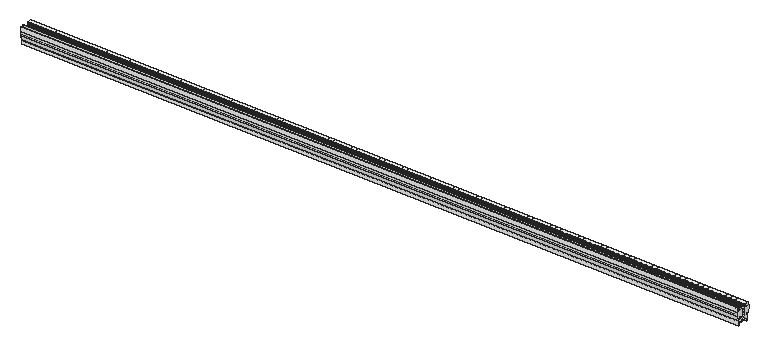
Revit family "2025501 Feilo Sylvania Lighting Fixtures LS3 (NEW) 2M TRACK BLACK C", category Lighting Fixtures, host Face, Revit 2017
Family settings
  Host = Face
  Round Connector Dimension = Use Diameter
  Part Type = Normal
  OmniClass Number = 23.80.70.00
  OmniClass Title = Lighting
  Cut with Voids When Loaded = No
  Light Source = No
  Shared = No
  Room Calculation Point = No
Parameters (values of type "2025501 LS3 (NEW) 2M TRACK BLACK    *C")
  _DistributedBy = "//www.feilosylvania.com/en-int/"
  _CurrentRevision = 1
  _CreatedBy = "http://www.feilosylvania.com/en-int/"
  _BimstoreBibleVersion = "15"
  _BimSpecGuid = 0
  _Author = "Viktoria Kollar"
  Weight = "2.25 kg"
  WarrantyStartDate [instance] = ""
  WarrantyGuarantorParts = "n/a"
  WarrantyDurationUnit = "n/a"
  WarrantyDurationParts = "n/a"
  WarrantyDescription = "n/a"
  URL = "http://www.sylvania-lighting.com"
  TypeName = "LS3 (NEW) 2M TRACK BLACK    *C"
  Type Image = 2020760.jpg
  Type Comments = "n/a"
  TransformerRequired = yes
  SerialNumber [instance] = ""
  NominalLength = 2000 mm
  NominalHeight = 45 mm
  NominalDepth = 37 mm
  Name = "LS3 (NEW) 2M TRACK BLACK    *C"
  NBSReference = "n/a"
  NBSOfficeMasterTag = "n/a"
  NBSObjectName = "n/a"
  NBSNote = "n/a"
  NBSDescription = "n/a"
  ModelReference = "LS3 (NEW) 2M TRACK BLACK    *C"
  ModelNumber = "2025501"
  Model = "LS3 (NEW) 2M TRACK BLACK    *C"
  ManufacturerName = "Feilo Sylvania"
  Manufacturer = "Feilo Sylvania"
  LuminaireType = ""
  Lamp = "LED"
  Keynote = "16500"
  InstallationDate [instance] = ""
  InputVoltage = "240V~"
  IfcExportType = "IfcLightFixtureType"
  IfcExportAs = "IfcLightFixtureType"
  Housing material = White aluminium
  ElectricShockClassification = "Class I"
  DocumentationLiterature = "http://www.sylvania-lighting.com/product/en-int/products/2025501"
  Description = "3 Circuit Track, compact venturi trunk profile, extruded aluminium body, suitable for surface mounting and suspending, (LxWxH) 2000x37x45mm, 1.82kg, Black RAL 9005, Class 1, maximum installed load: 3x3680W (11040W), fuse: 3x16A, supply cable: 5 x 1.5mm², 400 VAC supply"
  Default Elevation = 0 mm
  CreatedOn = "14/11/2017"
  CreatedBy = ""
  Cost = 0
  Color = "Aluminium white"
  ClassificationValue = "EF_70_80"
  ClassificationName = "Uniclass2015"
  BarCode [instance] = ""
  BIMObjectName = "n/a"
  AssetType = "Fixed"
  AssetIdentifier [instance] = ""
  Assembly Code = "D5020200"
  Apparent Load = 0 VA
Reference planes
  plane 1 "Center (Front/Back)": y = 0
  plane 2: z = 0
  plane 3 "Center (Left/Right)": x = 0
  plane 4: x = -1000
  plane 5: x = 1000
  plane 6: z = 36.5
  plane 7: z = 18.5
  plane 8: z = 27.5
  plane 9: z = 30
  plane 10: z = 33
  plane 11: z = 45
  plane 12: z = 25
  plane 13: z = 22
  plane 14: y = 5.75
  plane 15: y = -5.75
  plane 16: y = 9.25
  plane 17: y = -9.25
  plane 18: y = 13.25
  plane 19: y = -13.25
  plane 20: y = -14.75
  plane 21: y = 14.75
  plane 22: y = 18.5
  plane 23: y = -18.5
  plane 24: z = 31
  plane 25: y = 16.55
  plane 26: y = -16.55
  plane 27: z = 38.7
  plane 28: y = 7
  plane 29: y = -7
  plane 30: z = 40.9
  plane 31: z = 43.1
Forms (mm)
  Extrusion 1, solid, material "White aluminium" <- "Housing material"
    sketch origin (0, 0, 45) x (0, 1, 0) y (0, 0, 1)
      loop
        line (14.75, -45) -> (14.75, -34.582) -> (16.616, -24) -> (18.5, -12) -> (18.5, 0) -> (7, 0) -> (7, -1.9) -> (13.25, -1.9) -> (13.25, -4.1) -> (7, -4.1) -> (7, -6.3) -> (16.55, -6.3) -> (16.55, -14) -> (13.25, -14) -> (13.25, -12) -> (9.25, -8.5) -> (5.75, -8.5) -> (5.75, -12) -> (9.25, -12) -> (9.25, -15) -> (5.75, -15) -> (5.75, -20) -> (9.25, -20) -> (9.25, -23) -> (5.75, -23) -> (5.75, -26.5) -> (9.25, -26.5) -> (13.25, -23) -> (15.119, -23) -> (15.119, -24) -> (13.383, -33.848) -> (9.529, -33.848) -> (9.529, -30) -> (-4.255, -30) -> (-9.75, -33.848) -> (-13, -33.848) -> (-15.119, -23.803) -> (-15.119, -23) -> (-13.25, -23) -> (-9.25, -26.5) -> (-5.75, -26.5) -> (-5.75, -23) -> (-9.25, -23) -> (-9.25, -20) -> (-5.75, -20) -> (-5.75, -15) -> (-9.25, -15) -> (-9.25, -12) -> (-5.75, -12) -> (-5.75, -8.5) -> (-9.25, -8.5) -> (-13.25, -12) -> (-13.25, -14) -> (-16.55, -14) -> (-16.55, -6.3) -> (-7, -6.3) -> (-7, 0) -> (-9.25, 0) -> (-9.25, -4.1) -> (-16.55, -4.1) -> (-16.55, 0) -> (-18.5, 0) -> (-18.5, -12) -> (-16.616, -24) -> (-14.75, -33.164) -> (-14.75, -45) -> (-13.25, -45) -> (-13.25, -35.764)
        arc (-13.25, -35.764) -> (-9.111, -38.754) -> (-4.329, -40.542) r 19.123
        line (-4.329, -40.542) -> (-4.329, -39.56)
        arc (-4.329, -39.56) -> (-7.777, -38.158) -> (-10.813, -36.003) r 16.148
        line (-10.813, -36.003) -> (-7.392, -36.003) -> (-3.107, -33) -> (7.392, -33) -> (7.392, -36.003) -> (10.813, -36.003)
        arc (10.813, -36.003) -> (7.777, -38.158) -> (4.329, -39.56) r 16.148
        line (4.329, -39.56) -> (4.329, -40.542)
        arc (4.329, -40.542) -> (9.111, -38.754) -> (13.25, -35.764) r 19.123
        line (13.25, -35.764) -> (13.25, -45) -> (14.75, -45)
    from -1000 to 1000
Dimensions and locks
  "NominalLength": plane 5 to plane 4
  equal spacing: plane 5, plane 3 "Center (Left/Right)", plane 4
  "NominalHeight": plane 11 to host face
  locked: plane 11 to plane 8 at 17.5
  locked: plane 6 to plane 7 at 18
  equal spacing: plane 6, plane 8, plane 7
  locked: plane 13 to plane 7 at 3.5
  locked: plane 6 to plane 10 at 3.5
  equal spacing: plane 9, plane 8, plane 12
  locked: plane 9 to plane 12 at 5
  equal spacing: plane 14, plane 1 "Center (Front/Back)", plane 15
  locked: plane 14 to plane 15 at 11.5
  equal spacing: plane 16, plane 1 "Center (Front/Back)", plane 17
  locked: plane 16 to plane 17 at 18.5
  equal spacing: plane 18, plane 1 "Center (Front/Back)", plane 19
  locked: plane 18 to plane 19 at 26.5
  "NominalDepth": plane 22 to plane 23
  aligned and locked: plane 2 to host face
  aligned and locked: level to host face
  aligned and locked: plane 6 to Extrusion 1  (x3)
  aligned and locked: plane 14 to Extrusion 1  (x3)
  aligned and locked: Extrusion 1 to plane 15  (x3)
  aligned and locked: Extrusion 1 to plane 10  (x2)
  aligned and locked: plane 9 to Extrusion 1  (x2)
  aligned and locked: Extrusion 1 to plane 12  (x2)
  aligned and locked: plane 13 to Extrusion 1  (x2)
  aligned and locked: Extrusion 1 to plane 7  (x2)
  aligned and locked: plane 18 to Extrusion 1
  aligned and locked: Extrusion 1 to plane 19
  aligned and locked: Extrusion 1 to plane 20
  aligned and locked: plane 21 to Extrusion 1
  aligned and locked: plane 25 to Extrusion 1
  aligned and locked: Extrusion 1 to plane 26
  aligned and locked: Extrusion 1 sketch curve to plane 27  (x2)
  aligned and locked: plane 26 to Extrusion 1 sketch curve
  aligned and locked: Extrusion 1 sketch curve to plane 26
  aligned and locked: Extrusion 1 sketch curve to plane 23
  aligned and locked: plane 11 to Extrusion 1 sketch curve  (x3)
  aligned and locked: plane 30 to Extrusion 1 sketch curve  (x2)
  aligned and locked: plane 17 to Extrusion 1 sketch curve
  aligned and locked: Extrusion 1 sketch curve to plane 29
  aligned and locked: plane 28 to Extrusion 1 sketch curve  (x2)
  aligned and locked: plane 18 to Extrusion 1 sketch curve
  aligned and locked: Extrusion 1 sketch curve to plane 31
  aligned and locked: Extrusion 1 sketch curve to plane 22
  aligned and locked: Extrusion 1 to plane 4
  aligned and locked: plane 5 to Extrusion 1
Automatic sketch dimensions
  host sketch curve to host sketch curve = 2438.4 mm  (x2)
  Extrusion 1 sketch curve to plane 24 = 0 mm  (x2)
  Extrusion 1 sketch curve to plane 13 = 0 mm  (x4)
  Extrusion 1 sketch curve to plane 20 = 0 mm
  Extrusion 1 sketch curve to plane 19 = 0 mm  (x3)
  Extrusion 1 sketch curve to plane 10 = 0 mm  (x6)
  Extrusion 1 sketch curve to level = 0 mm  (x2)
  Extrusion 1 sketch curve to plane 17 = 0 mm  (x4)
  Extrusion 1 sketch curve to plane 6 = 0 mm  (x2)
  Extrusion 1 sketch curve to plane 7 = 0 mm  (x2)
  Extrusion 1 sketch curve to plane 9 = 0 mm  (x2)
  Extrusion 1 sketch curve to plane 15 = 0 mm  (x3)
  Extrusion 1 sketch curve to plane 12 = 0 mm  (x2)
  Extrusion 1 sketch curve to plane 14 = 0 mm  (x3)
  Extrusion 1 sketch curve to plane 16 = 0 mm  (x4)
  Extrusion 1 sketch curve to plane 18 = 0 mm  (x3)
  Extrusion 1 sketch curve to plane 21 = 0 mm
  Extrusion 1 sketch curve to plane 25 = 0 mm
  Extrusion 1 sketch curve to plane 26 = 0.066 mm
  plane 20 to Extrusion 1 sketch curve = 0.369 mm
  plane 19 to Extrusion 1 sketch curve = 0.25 mm
  Extrusion 1 sketch curve to plane 17 = 1.563 mm
  Extrusion 1 sketch curve to plane 17 = 0.5 mm
  Extrusion 1 sketch curve to plane 29 = 0.392 mm
  plane 15 to Extrusion 1 sketch curve = 1.421 mm
  plane 15 to Extrusion 1 sketch curve = 1.495 mm
  plane 15 to Extrusion 1 sketch curve = 2.643 mm
  Extrusion 1 sketch curve to plane 1 "Center (Front/Back)" = 0.082 mm
  Extrusion 1 sketch curve to plane 1 "Center (Front/Back)" = 0.01 mm
  plane 1 "Center (Front/Back)" to Extrusion 1 sketch curve = 0.01 mm
  plane 1 "Center (Front/Back)" to Extrusion 1 sketch curve = 0.082 mm
  Extrusion 1 sketch curve to plane 14 = 1.421 mm
  plane 28 to Extrusion 1 sketch curve = 0.392 mm
  plane 16 to Extrusion 1 sketch curve = 0.279 mm
  plane 16 to Extrusion 1 sketch curve = 1.563 mm
  plane 18 to Extrusion 1 sketch curve = 0.133 mm
  Extrusion 1 sketch curve to plane 21 = 0.369 mm
  plane 25 to Extrusion 1 sketch curve = 0.066 mm
  Extrusion 1 sketch curve to plane 13 = 1.104 mm
  Extrusion 1 sketch curve to Extrusion 1 sketch curve = 0 mm  (x2)
  plane 13 to Extrusion 1 sketch curve = 0.803 mm
  plane 13 to Extrusion 1 sketch curve = 1 mm  (x4)
  plane 7 to Extrusion 1 sketch curve = 3.5 mm
  Extrusion 1 sketch curve to Extrusion 1 sketch curve = 3 mm
  plane 7 to Extrusion 1 sketch curve = 6.664 mm
  Extrusion 1 sketch curve to Extrusion 1 sketch curve = 0.684 mm
  Extrusion 1 sketch curve to Extrusion 1 sketch curve = 3.848 mm
  Extrusion 1 sketch curve to Extrusion 1 sketch curve = 0.734 mm
  Extrusion 1 sketch curve to Extrusion 1 sketch curve = 1.181 mm
  Extrusion 1 sketch curve to Extrusion 1 sketch curve = 1.916 mm
  Extrusion 1 sketch curve to Extrusion 1 sketch curve = 2.155 mm
  Extrusion 1 sketch curve to Extrusion 1 sketch curve = 0.24 mm
Connectors
  electrical at (0, 0, 0)
    settings: on host face, index 1, voltage 0 V, apparent load 0 VA, apparent load phase1 0 VA, apparent load phase2 0 VA, apparent load phase3 0 VA, power factor 1, load classification "Other", number of poles 1, system type 31, power factor state 1, is connector primary yes, connector utility no, sub classification motor no, connector description ""
